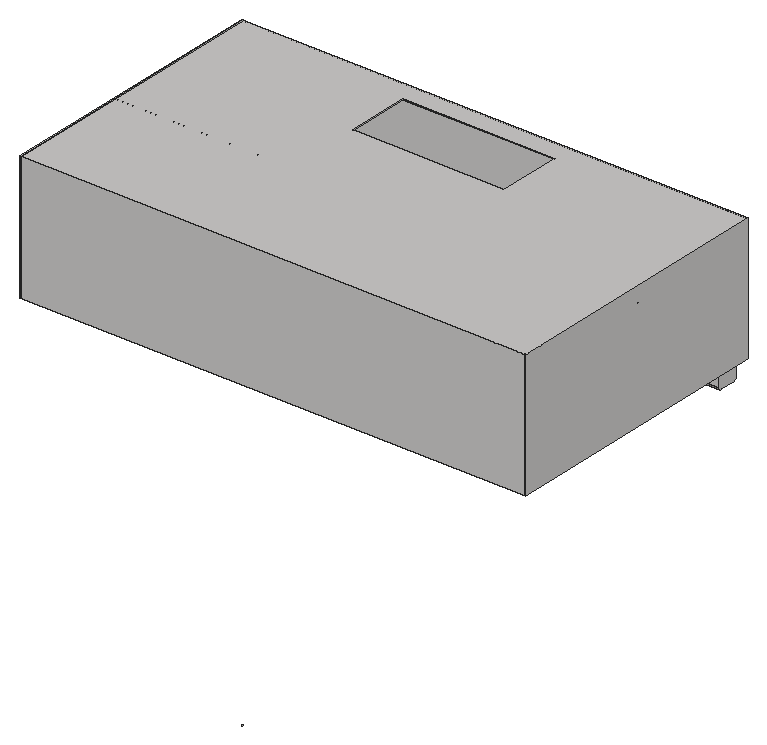
Revit family "QF_ELECTROLUXPROFESSIONAL_642017_EP1120T", category Attrezzature speciali, Revit 2021
Family settings
  Quota connettore circolare = Usa diametro
  Tipo di parte = Normale
  Basato su piano di lavoro = No
  Sempre verticale = Sì
  Taglio con vuoti quando caricato = No
  Condiviso = No
  Punto di calcolo locali = No
Parameters (values of type "Standard")
  Weight = 51.00 kg
  Watts = 0 W
  Volts = 0 V
  URL Manufacturer = "https://www.electroluxprofessional.com/"
  URL = "https://www.electroluxprofessional.com/"
  Steam Supply Size = 0 mm
  Steam Supply Minimum Pressure = 0.0 Pa
  Steam Supply Maximum Pressure = 0.0 Pa
  Steam Consumption per Hour = 0
  Refrigeration Suction Line Size = 0 mm
  Refrigeration Liquid Line Size = 0 mm
  Refrigerant Compressor Remote = yes
  Prospetto di default = 0 mm
  Produttore = "Electrolux Professional"
  Phase = 0
  Modello = "EP1120T"
  Length Actual = 2000 mm  # constant formula
  Item Number = "642017"
  Hot Water Size = 0 mm
  Height Actual = 500 mm  # constant formula
  HP = "0 HP"
  Gas Size = 0 mm
  Gas KW = 0
  Gas Input Pressure = 0 W
  Direct Waste Size = 0 mm
  Descrizione = "304 S/S WALL HOOD+FILTERS 2000X1100MM"
  Depth Actual = 1100 mm  # constant formula
  Cycle = 0 Hz
  Condensate Return Size = 0 mm
  Compressed Air Volume = 0.0 L/s
  Compressed Air Size = 0 mm
  Compressed Air Pressure = 0.0 Pa
  Cold Water Size = 0 mm
  Accessory = yes
Reference planes
  plane 1 "Center (Front/Back)": y = 0
  plane 2: z = 0
  plane 3 "Center (Left/Right)": x = 150
  plane 4 "LEFT": x = -850
  plane 5 "RIGHT": x = 1150
  plane 6 "BACK": y = 550
  plane 7 "FRONT": y = -550
  plane 8 "TOP": z = 2500
  plane 9 "Base": z = 2000
  plane 10: z = 1926
  plane 11 "DrainY": y = 485
  plane 12: x = -847
  plane 13: through (0, 414.509, 2000.8) normal (0, 0.7314, 0.682)
  plane 14: y = 470
  plane 15: y = 220
  plane 16 "DrainX": x = 1030
  plane 17: x = -150
  plane 18: x = 450
  plane 19: x = 1147
  plane 20: x = 940
  plane 21: x = 1120
  plane 22: x = -810
  plane 23: x = 1110
  plane 24: x = -47.5
  plane 25: x = 347.5
Forms (mm)
  Extrusion 1, solid, material "QF_Finishes_Stainless Steel"
    sketch origin (-850, 0, 360) x (0, 1, 0) y (0, 0, 1)
      loop
        line (550, 1640) -> (550, 2140) -> (-550, 2140) -> (-550, 1640) -> (550, 1640)
    from 0 to 3
  Extrusion 2, solid, material "QF_Finishes_Stainless Steel"
    sketch origin (150, 0, 360) x (0, 1, 0) y (0, 0, 1)
      loop
        line (415.255, 1640) -> (550, 1640) -> (550, 2139.19) -> (549.2, 2139.19) -> (549.2, 1640.8) -> (415.876, 1640.8) -> (339.347, 1722.867) -> (349.609, 1732.436) -> (348.927, 1733.167) -> (337.934, 1722.917) -> (415.255, 1640)
      loop
        line (-82.203, 2139.19) -> (-82.203, 2118.6) -> (-31.047, 2118.6) -> (34.354, 2048.466) -> (46.028, 2059.352) -> (45.346, 2060.083) -> (34.403, 2049.879) -> (-30.612, 2119.6) -> (-81.203, 2119.6) -> (-81.203, 2139.19) -> (-82.203, 2139.19)
    from -997 to 997
  Extrusion 3, solid, material "QF_Finishes_Stainless Steel"
    sketch origin (1150, 0, 360) x (0, 1, 0) y (0, 0, 1)
      loop
        line (550, 1640) -> (550, 2140) -> (-550, 2140) -> (-550, 1640) -> (550, 1640)
    from 0 to -3
  Extrusion 4, solid, material "QF_Finishes_Stainless Steel"
    sketch origin (150, 0, 360) x (0, 1, 0) y (0, 0, 1)
      loop
        line (-550, 2140) -> (-550, 1640) -> (-549.2, 1640) -> (-549.2, 2139.19) -> (550, 2139.19) -> (550, 2140) -> (-550, 2140)
    from -1000 to 1000
  Extrusion 5, solid, material "QF_Finishes_Stainless Steel"
    sketch origin (150, 0, 360) x (0, 1, 0) y (0, 0, 1)
      loop
        line (534, 1640) -> (436, 1640) -> (436, 1627) -> (443.5, 1627) -> (443.5, 1576)
        arc (443.5, 1576) -> (446.429, 1568.929) -> (453.5, 1566) r 10
        line (453.5, 1566) -> (516.5, 1566)
        arc (516.5, 1566) -> (523.571, 1568.929) -> (526.5, 1576) r 10
        line (526.5, 1576) -> (526.5, 1627) -> (534, 1627) -> (534, 1640)
    from 790 to 970
  Extrusion 6, solid, material "QF_Finishes_Stainless Steel"
    sketch origin (0, 0, 2000) x (0, 1, 0) y (-1, 0, 0)
      loop
        circle (485, -1030) r 20
    from -76 to -74
  Extrusion 7, solid, material "QF_Finished_Chrome"
    sketch origin (150, 0, 360) x (0, 1, 0) y (0, 0, 1)
      loop
        line (337.934, 1722.917) -> (341.591, 1726.327) -> (38.011, 2051.876) -> (34.354, 2048.466) -> (337.934, 1722.917)
    from -197.5 to -960
  Extrusion 8, solid, material "QF_Finishes_Stainless Steel"
    sketch origin (150, 0, 360) x (0, 1, 0) y (0, 0, 1)
      loop
        line (337.934, 1722.917) -> (341.591, 1726.327) -> (38.011, 2051.876) -> (34.354, 2048.466) -> (337.934, 1722.917)
    from 997 to 960
  Extrusion 9, solid, material "QF_Finished_Chrome"
    sketch origin (150, 0, 360) x (0, 1, 0) y (0, 0, 1)
      loop
        line (341.588, 1726.324) -> (38.009, 2051.874) -> (34.354, 2048.466) -> (337.934, 1722.917) -> (341.588, 1726.324)
    from 197.5 to 960
  Extrusion 10, void
    sketch origin (0, 0, 2500) x (0, 1, 0) y (-1, 0, 0)
      loop
        line (470, -450) -> (470, 150) -> (220, 150) -> (220, -450) -> (470, -450)
    from 0 to -10
  Extrusion 11, solid, material "QF_Finishes_Stainless Steel"
    sketch origin (0, 0, 0) x (1, 0, 0) y (0, 1, 0)
      loop
        line (-850, 550) -> (-850, 549) -> (-849, 549) -> (-849, 550) -> (-850, 550)
    from 0 to 1
  Extrusion 12, solid, material "QF_Finishes_Stainless Steel"
    sketch origin (150, 0, 360) x (0, 1, 0) y (0, 0, 1)
      loop
        line (337.934, 1722.917) -> (341.591, 1726.327) -> (38.011, 2051.876) -> (34.354, 2048.466) -> (337.934, 1722.917)
    from -960 to -997
  Extrusion 13, solid, material "QF_Finishes_Stainless Steel"
    sketch origin (150, 0, 360) x (0, 1, 0) y (0, 0, 1)
      loop
        line (337.934, 1722.917) -> (341.591, 1726.327) -> (38.011, 2051.876) -> (34.354, 2048.466) -> (337.934, 1722.917)
    from 197.5 to -197.5
Cuts and joins
  Extrusion 10 cuts Extrusion 4
  joined: Extrusion 2, Extrusion 4
Lines and regions (mm)
  reference lines
    curve 1: line (150, 34.354, 2408.466) -> (150, 34.354, 2248.466)
  symbolic lines, style "SpecialityEquipment", detail levels coarse
    curve 2: line (1150, 550, 2500) -> (-850, 550, 2500)
    curve 3: line (-850, 550, 2500) -> (-850, -550, 2500)
    curve 4: line (1150, -550, 2500) -> (1150, 550, 2500)
    curve 5: line (-850, -550, 2500) -> (1150, -550, 2500)
    curve 6: line (450, 220, 2500) -> (-150, 220, 2500)
    curve 7: line (450, 470, 2500) -> (450, 220, 2500)
    curve 8: line (-150, 470, 2500) -> (450, 470, 2500)
    curve 9: line (-150, 220, 2500) -> (-150, 470, 2500)
    curve 10: line (-850, -550, 0) -> (1150, 550, 0)
    curve 11: line (-850, 550, 0) -> (1150, -550, 0)
Dimensions and locks
  plane 4 "LEFT" to plane 5 "RIGHT" = 2000 mm
  equal spacing: plane 4 "LEFT", plane 3 "Center (Left/Right)", plane 5 "RIGHT"
  plane 9 "Base" to plane 10 = 74 mm
  plane 6 "BACK" to plane 11 "DrainY" = 65 mm  (x2)
  plane 4 "LEFT" to plane 12 = 3 mm
  plane 6 "BACK" to plane 14 = 80 mm
  plane 14 to plane 15 = 250 mm  (x2)
  plane 16 "DrainX" to plane 5 "RIGHT" = 120 mm
  plane 19 to plane 5 "RIGHT" = 3 mm
  locked: plane 20 to plane 16 "DrainX" at 90
  locked: plane 16 "DrainX" to plane 21 at 90
  plane 6 "BACK" to plane 7 "FRONT" = 1100 mm  (x2)
  equal spacing: plane 6 "BACK", plane 1 "Center (Front/Back)", plane 7 "FRONT"
  plane 15 to plane 7 "FRONT" = 770 mm
  plane 14 to plane 6 "BACK" = 80 mm
  locked: plane 4 "LEFT" to plane 22 at 40
  locked: plane 23 to plane 5 "RIGHT" at 40
  locked: plane 24 to plane 25 at 395
  equal spacing: plane 24, plane 3 "Center (Left/Right)", plane 25
  locked: plane 17 to plane 18 at 600
  equal spacing: plane 17, plane 3 "Center (Left/Right)", plane 18
  locked: plane 9 "Base" to level at 2000
  locked: plane 8 "TOP" to plane 9 "Base" at 500
  aligned and locked: level to plane 2
  aligned and locked: Extrusion 2 to Extrusion 1
  aligned and locked: Extrusion 2 to Extrusion 3
  aligned and locked: plane 5 "RIGHT" to Extrusion 4
  aligned and locked: Extrusion 4 to plane 4 "LEFT"
  aligned and locked: plane 19 to Extrusion 8
  aligned and locked: Extrusion 10 to plane 17
  aligned and locked: Extrusion 10 to plane 15
  aligned and locked: Extrusion 10 to plane 14
  aligned and locked: Extrusion 2 to Extrusion 4
  aligned and locked: plane 21 to Extrusion 5
  aligned and locked: Extrusion 5 to plane 20
  aligned and locked: Extrusion 8 to plane 23
  aligned and locked: Extrusion 9 to plane 23
  aligned and locked: Extrusion 7 to plane 22
  aligned and locked: Extrusion 12 to plane 12
  aligned and locked: plane 22 to Extrusion 12
  aligned and locked: Extrusion 3 to plane 19
  aligned and locked: Extrusion 10 to plane 18
  aligned and locked: plane 18 to curve 7
  aligned and locked: plane 25 to Extrusion 13
  aligned and locked: Extrusion 13 to plane 24
  aligned and locked: Extrusion 9 to plane 25
Automatic sketch dimensions
  curve 5 to plane 5 "RIGHT" = 0 mm
  curve 5 to plane 7 "FRONT" = 0 mm
  curve 6 to plane 15 = 0 mm
  plane 14 to curve 8 = 0 mm
  curve 3 to plane 4 "LEFT" = 0 mm
  curve 3 to plane 6 "BACK" = 0 mm
  curve 6 to plane 17 = 0 mm
  Extrusion 2 sketch curve to plane 13 = 0 mm  (x3)
  Extrusion 2 sketch curve to plane 9 "Base" = 0 mm
  plane 13 to Extrusion 2 sketch curve = 0 mm
  Extrusion 2 sketch curve to plane 6 "BACK" = 0 mm
  Extrusion 2 sketch curve to Extrusion 2 sketch curve = 65.646 mm
  Extrusion 2 sketch curve to Extrusion 2 sketch curve = 0.682 mm  (x2)
  Extrusion 2 sketch curve to Extrusion 2 sketch curve = 10.261 mm
  plane 9 "Base" to Extrusion 2 sketch curve = 82.917 mm
  Extrusion 2 sketch curve to plane 1 "Center (Front/Back)" = 46.028 mm
  Extrusion 2 sketch curve to Extrusion 2 sketch curve = 10.942 mm
  Extrusion 2 sketch curve to Extrusion 2 sketch curve = 0.049 mm
  Extrusion 2 sketch curve to plane 8 "TOP" = 20.4 mm
  Extrusion 2 sketch curve to plane 8 "TOP" = 21.4 mm
  Extrusion 2 sketch curve to plane 8 "TOP" = 0.81 mm  (x2)
  Extrusion 2 sketch curve to Extrusion 2 sketch curve = 50.156 mm
  Extrusion 2 sketch curve to Extrusion 2 sketch curve = 1 mm
  plane 9 "Base" to Extrusion 2 sketch curve = 0.8 mm
  Extrusion 2 sketch curve to plane 6 "BACK" = 0.8 mm
  Extrusion 3 sketch curve to plane 9 "Base" = 0 mm
  Extrusion 3 sketch curve to plane 6 "BACK" = 0 mm
  Extrusion 3 sketch curve to plane 8 "TOP" = 0 mm
  Extrusion 4 sketch curve to plane 7 "FRONT" = 0 mm
  Extrusion 4 sketch curve to plane 6 "BACK" = 0 mm
  Extrusion 4 sketch curve to plane 8 "TOP" = 0 mm
  plane 7 "FRONT" to Extrusion 4 sketch curve = 0.8 mm
  Extrusion 4 sketch curve to plane 8 "TOP" = 0.81 mm
  curve 1 to plane 13 = 0 mm
  curve 1 to plane 1 "Center (Front/Back)" = 34.354 mm
  Extrusion 5 sketch curve to plane 9 "Base" = 0 mm
  Extrusion 5 sketch curve to plane 10 = 0 mm
  Extrusion 5 sketch curve to plane 9 "Base" = 13 mm  (x2)
  plane 14 to Extrusion 5 sketch curve = 34 mm
  Extrusion 5 sketch curve to Extrusion 5 sketch curve = 7.5 mm  (x2)
  Extrusion 5 sketch curve to Extrusion 5 sketch curve = 10 mm
  plane 11 "DrainY" to Extrusion 5 sketch curve = 31.5 mm
  Extrusion 5 sketch curve to plane 6 "BACK" = 23.5 mm
  Extrusion 6 sketch curve to plane 11 "DrainY" = 0 mm
  Extrusion 6 sketch curve to plane 16 "DrainX" = 0 mm
  Extrusion 7 sketch curve to plane 13 = 0 mm  (x2)
  Extrusion 7 sketch curve to plane 1 "Center (Front/Back)" = 34.354 mm
  Extrusion 7 sketch curve to Extrusion 7 sketch curve = 3.657 mm
  plane 9 "Base" to Extrusion 7 sketch curve = 82.917 mm
  Extrusion 8 sketch curve to plane 13 = 0 mm  (x2)
  Extrusion 8 sketch curve to plane 1 "Center (Front/Back)" = 34.354 mm
  Extrusion 8 sketch curve to Extrusion 8 sketch curve = 3.657 mm
  plane 9 "Base" to Extrusion 8 sketch curve = 82.917 mm
  Extrusion 9 sketch curve to plane 13 = 0 mm  (x2)
  Extrusion 9 sketch curve to plane 1 "Center (Front/Back)" = 34.354 mm
  Extrusion 9 sketch curve to Extrusion 9 sketch curve = 3.655 mm
  plane 9 "Base" to Extrusion 9 sketch curve = 82.917 mm
  Extrusion 10 sketch curve to plane 15 = 0 mm
  plane 14 to Extrusion 10 sketch curve = 0 mm
  Extrusion 10 sketch curve to plane 18 = 0 mm
  Extrusion 10 sketch curve to plane 17 = 0 mm
  Extrusion 11 sketch curve to plane 4 "LEFT" = 0 mm
  Extrusion 11 sketch curve to plane 6 "BACK" = 0 mm
  plane 4 "LEFT" to Extrusion 11 sketch curve = 1 mm
  Extrusion 11 sketch curve to Extrusion 11 sketch curve = 1 mm
  Extrusion 12 sketch curve to plane 13 = 0 mm  (x2)
  Extrusion 12 sketch curve to plane 1 "Center (Front/Back)" = 34.354 mm
  Extrusion 12 sketch curve to Extrusion 12 sketch curve = 3.657 mm
  plane 9 "Base" to Extrusion 12 sketch curve = 82.917 mm
  Extrusion 13 sketch curve to plane 13 = 0 mm  (x2)
  Extrusion 13 sketch curve to plane 1 "Center (Front/Back)" = 34.354 mm
  Extrusion 13 sketch curve to Extrusion 13 sketch curve = 3.657 mm
  plane 9 "Base" to Extrusion 13 sketch curve = 82.917 mm
  Extrusion 1 sketch curve to plane 7 "FRONT" = 0 mm
  Extrusion 1 sketch curve to plane 6 "BACK" = 0 mm
  Extrusion 1 sketch curve to plane 8 "TOP" = 0 mm
  Extrusion 3 sketch curve to plane 7 "FRONT" = 0 mm
  Extrusion 1 sketch curve to plane 9 "Base" = 0 mm
  Extrusion 4 sketch curve to plane 9 "Base" = 0 mm
  curve 1 to curve 1 = 160 mm
  curve 11 to plane 4 "LEFT" = 0 mm
  curve 10 to plane 4 "LEFT" = 0 mm
  curve 11 to plane 5 "RIGHT" = 0 mm
  curve 10 to plane 5 "RIGHT" = 0 mm
  curve 11 to plane 7 "FRONT" = 0 mm
  curve 10 to plane 7 "FRONT" = 0 mm
  curve 11 to plane 6 "BACK" = 0 mm
  curve 10 to plane 6 "BACK" = 0 mm
  radius of Extrusion 6 sketch curve = 20 mm
Connectors
  piping at (1030, 485, 1924), diameter 20
    settings: on Extrusion 6, index 1, connector inside diameter 609.6 mm, connector length 0 mm, flow factor 0, pipe flow 0.0 L/s, pressure drop 0.0 Pa, fitting loss kfactor 0, connector angle 0.00°, fixture units 0, engagement length 0 mm, angle of deflection 0.00°, flow configuration 1, flow direction 2, fitting loss method 0, system type 16, joint type 0, gender type 0, connector reference index -1, connector utility 0, adjustable connector no, is connector primary yes, connector description "Drain"
  hvac at (150, 345, 2500)
    settings: on Extrusion 10, index 2, duct flow 0.0 L/s, flow factor 0, pres drop 0.0 Pa, loss coef 0, conn angle 0.00°, conn width 250 mm, conn height 600 mm, conn diameter 609.6 mm, duct sys type 3, conn prof type 1, flow config 0, flow direction 2, loss method 0, conn ref index -1, conn util no, is conn primary yes, conn desc "EXHAUST OUTLET"
